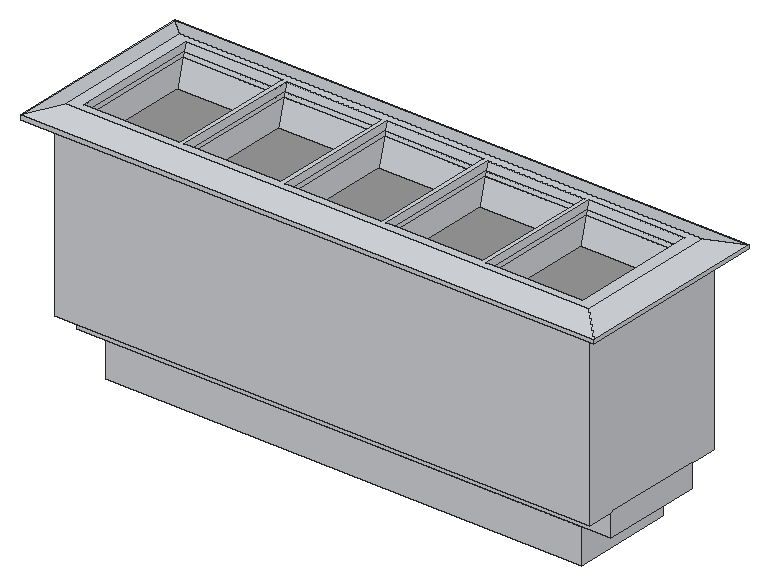
Revit family "2061399 Sylvania Lighting Fixture DOMINO 5xLED 930 BLACK NB TRIM BLACK DALI", category Lighting Fixtures, host Face, Revit 2018
Family settings
  Host = Face
  Round Connector Dimension = Use Diameter
  Part Type = Normal
  OmniClass Number = 23.80.70.00
  OmniClass Title = Lighting
  Cut with Voids When Loaded = No
  Light Source = Yes
  Shared = No
  Room Calculation Point = No
Parameters (values of type "2061399 DOMINO 5XLED 930 BLACK NB TR BLK DALI")
  top top width = 15.812 mm
  top top length = 123 mm
  Width = 50 mm
  Weight = "n/a"
  Wattage Comments = ""
  Wattage = 9.2903 W
  WarrantyStartDate [instance] = "n/a"
  WarrantyGuarantorParts = "n/a"
  WarrantyDurationUnit = "n/a"
  WarrantyDurationParts = ""
  WarrantyDescription = "http://www.sylvania-lighting.com"
  built-in parameter 1150110 = 1 (stored number, unit not read)
  Voltage = 0 V
  URL = "0.96"
  TypeName = "DOMINO 5xLED 930 BLACK NB TRIM BLACK DALI"
  Type Image = <None>
  Type Comments = "n/a"
  built-in parameter 1114217 = 1 (stored number, unit not read)
  Top Width = 26 mm
  Tilt Angle = 90.00°
  built-in parameter 1150109 = 1 (stored number, unit not read)
  built-in parameter 1150134 = 3
  built-in parameter 1150113 = 1 (stored number, unit not read)
  SerialNumber [instance] = "n/a"
  Recessed Width = 43 mm
  Recessed Length = 143 mm
  Photometric Web File = "2061399.ies"
  Material_3_FEILO = none
  PowerFactor = 0
  PowerConsumption = "Lighting"
  NominalLength = 50 mm
  NominalHeight = 0 mm
  NominalDepth = 0 mm
  Name = "DOMINO 5xLED 930 BLACK NB TRIM BLACK DALI"
  ModelReference = Name  # "DOMINO 5xLED 930 BLACK NB TRIM BLACK DALI"
  ModelNumber = "2061399"
  Model = Name  # "DOMINO 5xLED 930 BLACK NB TRIM BLACK DALI"
  Material = "Feilo Sylvania"
  ManufacturerName = "62 lm/W"
  Manufacturer = ""
  LuminousEfficacy = ""
  built-in parameter 1150105 = 109.82 (stored number, unit not read)
  Lumens = 1380 lm
  LuminaireType = "0"
  built-in parameter 1150115 = 1 (stored number, unit not read)
  LightOutputRatio = "LED"
  built-in parameter 1150137 = (empty or 0)
  built-in parameter 1150139 = (empty or 0)
  Lens inside recess = 25 mm
  Lens Width = 32 mm
  Lens Outside recess = 31.978 mm
  Lens = Glass, White, High Luminance
  Length = 148 mm
  LampsType = Lamp  # "n/a"
  LampNominalLuminous = "3000 K"
  LampMacAdamStep = "90"
  LampColourTemperature = "LED"
  LampColourRenderingIndex = "16500"
  built-in parameter 1150112 = 1 (stored number, unit not read)
  built-in parameter 1150114 = 1 (stored number, unit not read)
  Lamp = "n/a"
  Keynote = "n/a"
  InstallationDate [instance] = "n/a"
  InputVoltage = "0"
  InputNominalFrequency = "3000"
  built-in parameter 1150132 = (empty or 0)
  built-in parameter 1150102 = (empty or 0)
  built-in parameter 1150107 = 3200 (stored number, unit not read)
  built-in parameter 1150138 = (empty or 0)
  IngressProtection = "IfcLightFixtureType"
  ImpactProtectionIndex = "IfcLightFixtureType"
  built-in parameter 1150106 = 1.0982 (stored number, unit not read)
  IfcExportType = "IfcLightFixtureType"
  IfcExportAs = "Class II"
  Facia internal width = 37 mm
  Facia internal length = 135 mm
  Facia Height = 2 mm
  ExpectedLife = 50000
  Emit from Circle Diameter = 609.6 mm
  Emit Shape Visible in Rendering = no
  ElectricShockClassification = "62"
  built-in parameter 1150104 = 13.8 (stored number, unit not read)
  DurationUnit = "hours"
  DocumentationLiterature = "http://www.sylvania-lighting.com/product/en-int/products/2061399"
  DimmingControlOptions = "n/a"
  Material_2_FEILO = none
  Dimming Lamp Color Temperature Shift = <None>
  Description = "Modular LED recessed linear spotlight, ideal for retail and hospitality applications. Die-cast aluminium body, passive cooling. Two levels of reflector installation, low glaring UGR<16. 5x LED source, 15° beam angle , optics: PMMA lens and polycarbonate reflector combination, Black matt reflector finish. Light color temperature: 3000K warm white, total system power: 13W , total fixture lumen output: 800lm, efficacy: 62 lm/W, Ra90 typical, LED chromacity: 3 step MacAdam ellipse (SDCM3), lifespan: 96,000 hours at 90% of the original output (L90B10), IR/UV free light source without heat radiation, operating voltage: 220-240V / 50-60Hz, electronic driver, ultra low flicker, DALI , electrical protection: Class II. Degree of Protection: IP40/IP20, suitable for indoor environment only. Ceiling cut-out: 43x43mm, outer dimensions:  150x50mm trim frame RAL 9005 - Jet black color.5 years Warranty."
  Default Elevation = 1219.2 mm
  CreatedOn = "10/02/2021"
  CreatedBy = "@sylvania-lighting.com"
  Cost = 0
  Color Filter = 16777215
  built-in parameter 1114216 [instance] = (empty or 0)
  ClassificationValue = "EF_70_80"
  ClassificationName = "Uniclass2015"
  Material_1_FEILO = none
  Body Width = 40 mm
  Body Length = 138 mm
  BarCode [instance] = "n/a"
  built-in parameter 1114218 = 1 (stored number, unit not read)
  built-in parameter 1150133 = 10 (stored number, unit not read)
  AssetType = "Fixed"
  AssetIdentifier [instance] = "n/a"
  Assembly Code = "D5020200"
  Apparent Load = 13 VA
  Material_4_FEILO = none
Reference planes
  plane 1 "Center (Front/Back)": y = 0
  plane 2: z = 0
  plane 3 "Center (Left/Right)": x = 0
  plane 4: z = 0
  plane 5: z = -7
  plane 6: z = -45.895
  plane 7: z = -51.895
  plane 8: z = -60.895
  plane 9: x = -71.5
  plane 10: x = 71.5
  plane 11: y = 21.5
  plane 12: y = -21.5
  plane 13: x = -74
  plane 14: x = 74
  plane 15: y = 25
  plane 16: y = -25
  plane 17: x = 67.5
  plane 18: x = -67.5
  plane 19: y = 18.5
  plane 20: y = -18.5
  plane 21: z = 2
  plane 22: x = -69
  plane 23: x = 69
  plane 24: y = 20
  plane 25: y = -20
  plane 26: y = 13
  plane 27: y = -13
  plane 28: x = 61.5
  plane 29: x = -61.5
  plane 30: x = -65.5
  plane 31: y = 16.5
  plane 32: y = -16.472
  plane 33: x = -40.5
  plane 34: x = -41
  plane 35: x = -65
  plane 36: y = 13
  plane 37: y = -12.972
  plane 38: x = -39.5
  plane 39: x = -14.48
  plane 40: x = -13.48
  plane 41: x = 11.52
  plane 42: x = 12.52
  plane 43: x = 37.52
  plane 44: x = 38.52
  plane 45: x = 64.5
Forms (mm)
  Extrusion 1, solid, not visible, detail levels medium+fine
    sketch origin (4.2, 0, 0) x (1, 0, 0) y (0, 1, 0)
      loop
        line (-29.2, 34.5) -> (-29.2, -34.5) -> (20.8, -34.5) -> (20.8, 34.5) -> (-29.2, 34.5)
    from 0 to 1
  Extrusion 2, solid, not visible, detail levels medium+fine
    sketch origin (4.044, 0, 0) x (1, 0, 0) y (0, 1, 0)
      loop
        line (-29.2, 34.5) -> (-29.2, -34.5) -> (20.8, -34.5) -> (20.8, 34.5) -> (-29.2, 34.5)
    from 0 to 1
  Blend 3, solid, not visible, detail levels medium+fine
    base sketch origin (4.2, 0, 0) x (1, 0, 0) y (0, 1, 0)
      loop
        line (-29.2, 34.5) -> (-29.2, -34.5) -> (20.8, -34.5) -> (20.8, 34.5) -> (-29.2, 34.5)
    top sketch origin (4.2, 0, 0) x (1, 0, 0) y (0, 1, 0)
      loop
        line (-21.7, 28) -> (-21.7, -28) -> (13.3, -28) -> (13.3, 28) -> (-21.7, 28)
    from 1 to 3
  Extrusion 4, solid, not visible, detail levels medium+fine
    sketch origin (3.419, 0, 0) x (1, 0, 0) y (0, 1, 0)
      loop
        line (-29.2, 34.5) -> (-29.2, -34.5) -> (20.8, -34.5) -> (20.8, 34.5) -> (-29.2, 34.5)
    from 0 to 1
  Blend 5, solid, not visible, detail levels medium+fine
    base sketch origin (3.575, 0, 0) x (1, 0, 0) y (0, 1, 0)
      loop
        line (-29.2, 34.5) -> (-29.2, -34.5) -> (20.8, -34.5) -> (20.8, 34.5) -> (-29.2, 34.5)
    top sketch origin (3.575, 0, 0) x (1, 0, 0) y (0, 1, 0)
      loop
        line (-21.7, 28) -> (-21.7, -28) -> (13.3, -28) -> (13.3, 28) -> (-21.7, 28)
    from 1 to 3
  Extrusion 6, solid, not visible, detail levels medium+fine
    sketch origin (4.247, 0, 0) x (1, 0, 0) y (0, 1, 0)
      loop
        line (-29.2, 34.5) -> (-29.2, -34.5) -> (20.8, -34.5) -> (20.8, 34.5) -> (-29.2, 34.5)
    from 0 to 1
  Blend 7, solid, not visible, detail levels medium+fine
    base sketch origin (4.403, 0, 0) x (1, 0, 0) y (0, 1, 0)
      loop
        line (-29.2, 34.5) -> (-29.2, -34.5) -> (20.8, -34.5) -> (20.8, 34.5) -> (-29.2, 34.5)
    top sketch origin (4.403, 0, 0) x (1, 0, 0) y (0, 1, 0)
      loop
        line (-21.7, 28) -> (-21.7, -28) -> (13.3, -28) -> (13.3, 28) -> (-21.7, 28)
    from 1 to 3
  Extrusion 8, void, detail levels medium+fine
    sketch origin (4.2, 0, 0) x (0, 1, 0) y (1, 0, 0)
      loop
        line (21.5, -75.7) -> (21.5, 67.3) -> (-21.5, 67.3) -> (-21.5, -75.7) -> (21.5, -75.7)
    from -9.934 to 83.097
  Extrusion 9, solid, detail levels medium+fine
    sketch origin (4.2, 0, 0) x (1, 0, 0) y (0, 1, 0)
      loop
        line (-78.2, 25) -> (-78.2, -25) -> (69.8, -25) -> (69.8, 25) -> (-78.2, 25)
    from 0 to 1
  Extrusion 10, solid, detail levels medium+fine
    sketch origin (4.2, 0, 0) x (1, 0, 0) y (0, 1, 0)
      loop
        line (-73.2, 20) -> (-73.2, -20) -> (64.8, -20) -> (64.8, 20) -> (-73.2, 20)
    from 0 to -45.895
  Extrusion 11, solid, detail levels medium+fine
    sketch origin (4.2, 0, 0) x (1, 0, 0) y (0, 1, 0)
      loop
        line (-73.2, 13) -> (-73.2, -13) -> (64.8, -13) -> (64.8, 13) -> (-73.2, 13)
    from -51.895 to -45.895
  Extrusion 12, solid, material "Glass, White, High Luminance" <- "Lens", detail levels fine
    sketch origin (11.874, 1219.733, 36.156) x (1, 0, 0) y (0, 1, 0)
      loop
        line (-75.883, -1206.7) -> (-75.883, -1232.733) -> (-51.887, -1232.733) -> (-51.887, -1206.7) -> (-75.883, -1206.7)
    from -43.156 to -42.182
  Blend 13, solid, detail levels medium+fine
    base sketch origin (4.2, 0, 0) x (1, 0, 0) y (0, 1, 0)
      loop
        line (-78.2, 25) -> (-78.2, -25) -> (69.8, -25) -> (69.8, 25) -> (-78.2, 25)
    top sketch origin (4.2, 0, 0) x (1, 0, 0) y (0, 1, 0)
      loop
        line (-71.7, 18.5) -> (-71.7, -18.5) -> (63.3, -18.5) -> (63.3, 18.5) -> (-71.7, 18.5)
    from 1 to 3
  Extrusion 14, solid, detail levels fine
    sketch origin (0, 0, 0) x (1, 0, 0) y (0, 0, 1)
      loop
        line (-61.5, -51.895) -> (-61.5, -60.895) -> (61.5, -60.895) -> (61.5, -51.895) -> (-61.5, -51.895)
    from -13 to 13
  Blend 15, void
    base sketch origin (5.187, 0, 0) x (0, 1, 0) y (-1, 0, 0)
      loop
        line (16.5, 69.7) -> (-16.472, 69.7) -> (-16.472, 44.7) -> (16.5, 44.7) -> (16.5, 69.7)
    top sketch origin (5.187, 0, 0) x (0, 1, 0) y (-1, 0, 0)
      loop
        line (13, 69.2) -> (-12.972, 69.2) -> (-12.972, 45.2) -> (13, 45.2) -> (13, 69.2)
    from 3 to -7
  Blend 16, void
    base sketch origin (31.202, 0, 0) x (0, 1, 0) y (-1, 0, 0)
      loop
        line (16.5, 69.7) -> (-16.472, 69.7) -> (-16.472, 44.7) -> (16.5, 44.7) -> (16.5, 69.7)
    top sketch origin (31.202, 0, 0) x (0, 1, 0) y (-1, 0, 0)
      loop
        line (13, 69.2) -> (-12.972, 69.2) -> (-12.972, 45.2) -> (13, 45.2) -> (13, 69.2)
    from 3 to -7
  Blend 17, void
    base sketch origin (57.213, -0.017, 0) x (0, 1, 0) y (-1, 0, 0)
      loop
        line (16.5, 69.7) -> (-16.472, 69.7) -> (-16.472, 44.7) -> (16.5, 44.7) -> (16.5, 69.7)
    top sketch origin (57.213, -0.017, 0) x (0, 1, 0) y (-1, 0, 0)
      loop
        line (13, 69.2) -> (-12.972, 69.2) -> (-12.972, 45.2) -> (13, 45.2) -> (13, 69.2)
    from 3 to -7
  Blend 18, void
    base sketch origin (83.222, 0, 0) x (0, 1, 0) y (-1, 0, 0)
      loop
        line (16.5, 69.7) -> (-16.472, 69.7) -> (-16.472, 44.7) -> (16.5, 44.7) -> (16.5, 69.7)
    top sketch origin (83.222, 0, 0) x (0, 1, 0) y (-1, 0, 0)
      loop
        line (13, 69.2) -> (-12.972, 69.2) -> (-12.972, 45.2) -> (13, 45.2) -> (13, 69.2)
    from 3 to -7
  Blend 19, void
    base sketch origin (109.202, 0, 0) x (0, 1, 0) y (-1, 0, 0)
      loop
        line (16.5, 69.7) -> (-16.472, 69.7) -> (-16.472, 44.7) -> (16.5, 44.7) -> (16.5, 69.7)
    top sketch origin (109.202, 0, 0) x (0, 1, 0) y (-1, 0, 0)
      loop
        line (13, 69.2) -> (-12.972, 69.2) -> (-12.972, 45.2) -> (13, 45.2) -> (13, 69.2)
    from 3 to -7
  Extrusion 20, solid, material "Glass, White, High Luminance" <- "Lens", detail levels fine
    sketch origin (37.889, 1219.733, 36.156) x (1, 0, 0) y (0, 1, 0)
      loop
        line (-75.883, -1206.7) -> (-75.883, -1232.733) -> (-51.887, -1232.733) -> (-51.887, -1206.7) -> (-75.883, -1206.7)
    from -43.156 to -42.182
  Extrusion 21, solid, material "Glass, White, High Luminance" <- "Lens", detail levels fine
    sketch origin (63.896, 1219.733, 36.156) x (1, 0, 0) y (0, 1, 0)
      loop
        line (-75.883, -1206.7) -> (-75.883, -1232.733) -> (-51.887, -1232.733) -> (-51.887, -1206.7) -> (-75.883, -1206.7)
    from -43.156 to -42.182
  Extrusion 22, solid, material "Glass, White, High Luminance" <- "Lens", detail levels fine
    sketch origin (89.905, 1219.733, 36.156) x (1, 0, 0) y (0, 1, 0)
      loop
        line (-75.883, -1206.7) -> (-75.883, -1232.733) -> (-51.887, -1232.733) -> (-51.887, -1206.7) -> (-75.883, -1206.7)
    from -43.156 to -42.182
  Extrusion 23, solid, material "Glass, White, High Luminance" <- "Lens", detail levels fine
    sketch origin (115.886, 1219.733, 36.156) x (1, 0, 0) y (0, 1, 0)
      loop
        line (-75.883, -1206.7) -> (-75.883, -1232.733) -> (-51.887, -1232.733) -> (-51.887, -1206.7) -> (-75.883, -1206.7)
    from -43.156 to -42.182
  Extrusion 24, solid, detail levels coarse
    sketch origin (4.2, 0, 0) x (1, 0, 0) y (0, 1, 0)
      loop
        line (-78.2, 25) -> (-78.2, -25) -> (69.8, -25) -> (69.8, 25) -> (-78.2, 25)
    from 3 to -60.895
Cuts and joins
  Blend 15, Blend 16, Blend 17, Blend 18, Blend 19 cuts Extrusion 9
  Blend 15, Blend 16, Blend 17, Blend 18, Blend 19 cuts Extrusion 10
  Blend 15, Blend 16, Blend 17, Blend 18, Blend 19 cuts Blend 13
Dimensions and locks
  "Recessed Length": plane 9 to plane 10
  equal spacing: plane 9, plane 3 "Center (Left/Right)", plane 10
  "Length": plane 13 to plane 14
  equal spacing: plane 13, plane 3 "Center (Left/Right)", plane 14
  "Recessed Width": plane 11 to plane 12
  equal spacing: plane 11, plane 1 "Center (Front/Back)", plane 12
  "Width": plane 15 to plane 16
  equal spacing: plane 15, plane 1 "Center (Front/Back)", plane 16
  "Facia internal length": plane 18 to plane 17
  equal spacing: plane 18, plane 3 "Center (Left/Right)", plane 17
  "Facia internal width": plane 19 to plane 20
  equal spacing: plane 19, plane 1 "Center (Front/Back)", plane 20
  "Facia Height": plane 21 to host face
  "Body Length": plane 22 to plane 23
  equal spacing: plane 22, plane 3 "Center (Left/Right)", plane 23
  "Body Width": plane 24 to plane 25
  equal spacing: plane 24, plane 1 "Center (Front/Back)", plane 25
  "Top Width": plane 26 to plane 27
  equal spacing: plane 26, plane 1 "Center (Front/Back)", plane 27
  "top top length": plane 29 to plane 28
  equal spacing: plane 29, plane 3 "Center (Left/Right)", plane 28  (x2)
  plane 28 to plane 29 = 123 mm
  equal spacing: plane 28, plane 3 "Center (Left/Right)", plane 29
  aligned and locked: plane 2 to host face
  aligned and locked: level to host face
  aligned and locked: Extrusion 11 to plane 7
  aligned and locked: Extrusion 10 to plane 6
  aligned and locked: Extrusion 12 to plane 5
Automatic sketch dimensions
  Extrusion 1 sketch curve to Extrusion 1 sketch curve = 50 mm
  Extrusion 1 sketch curve to Extrusion 1 sketch curve = 69 mm
  Extrusion 2 sketch curve to Extrusion 2 sketch curve = 50 mm
  Extrusion 2 sketch curve to Extrusion 2 sketch curve = 69 mm
  Blend 3 sketch curve to Blend 3 sketch curve = 50 mm
  Blend 3 sketch curve to Blend 3 sketch curve = 69 mm
  Blend 3 sketch curve to Blend 3 sketch curve = 35 mm
  Blend 3 sketch curve to Blend 3 sketch curve = 56 mm
  Extrusion 4 sketch curve to Extrusion 4 sketch curve = 50 mm
  Extrusion 4 sketch curve to Extrusion 4 sketch curve = 69 mm
  Blend 5 sketch curve to Blend 5 sketch curve = 50 mm
  Blend 5 sketch curve to Blend 5 sketch curve = 69 mm
  Blend 5 sketch curve to Blend 5 sketch curve = 35 mm
  Blend 5 sketch curve to Blend 5 sketch curve = 56 mm
  Extrusion 6 sketch curve to Extrusion 6 sketch curve = 50 mm
  Extrusion 6 sketch curve to Extrusion 6 sketch curve = 69 mm
  Blend 7 sketch curve to Blend 7 sketch curve = 50 mm
  Blend 7 sketch curve to Blend 7 sketch curve = 69 mm
  Blend 7 sketch curve to Blend 7 sketch curve = 35 mm
  Blend 7 sketch curve to Blend 7 sketch curve = 56 mm
  host sketch curve to host sketch curve = 2438.4 mm  (x2)
  Extrusion 8 sketch curve to plane 9 = 0 mm
  Extrusion 8 sketch curve to plane 12 = 0 mm
  Extrusion 8 sketch curve to plane 11 = 0 mm
  Extrusion 8 sketch curve to plane 10 = 0 mm
  Extrusion 9 sketch curve to plane 13 = 0 mm
  Extrusion 9 sketch curve to plane 14 = 0 mm
  Extrusion 9 sketch curve to plane 16 = 0 mm
  Extrusion 9 sketch curve to plane 15 = 0 mm
  Extrusion 10 sketch curve to plane 22 = 0 mm
  Extrusion 10 sketch curve to plane 23 = 0 mm
  Extrusion 10 sketch curve to plane 25 = 0 mm
  Extrusion 10 sketch curve to plane 24 = 0 mm
  Extrusion 11 sketch curve to plane 22 = 0 mm
  Extrusion 11 sketch curve to plane 23 = 0 mm
  Extrusion 11 sketch curve to plane 27 = 0 mm
  Extrusion 11 sketch curve to plane 26 = 0 mm
  Extrusion 12 sketch curve to plane 27 = 0 mm
  plane 35 to Extrusion 12 sketch curve = 0.991 mm
  plane 26 to Extrusion 12 sketch curve = 0.033 mm
  plane 33 to Extrusion 12 sketch curve = 0.487 mm
  Blend 13 sketch curve to plane 13 = 0 mm
  Blend 13 sketch curve to plane 14 = 0 mm
  Blend 13 sketch curve to plane 16 = 0 mm
  Blend 13 sketch curve to plane 15 = 0 mm
  Blend 13 sketch curve to plane 18 = 0 mm
  Blend 13 sketch curve to plane 17 = 0 mm
  Blend 13 sketch curve to plane 20 = 0 mm
  Blend 13 sketch curve to plane 19 = 0 mm
  Extrusion 14 sketch curve to plane 8 = 0 mm
  Extrusion 14 sketch curve to plane 29 = 0 mm
  Extrusion 14 sketch curve to plane 28 = 0 mm
  Extrusion 14 sketch curve to plane 7 = 0 mm
  Blend 15 sketch curve to plane 32 = 0 mm
  Blend 15 sketch curve to plane 31 = 0 mm
  Blend 15 sketch curve to plane 38 = 0.013 mm
  plane 35 to Blend 15 sketch curve = 0.487 mm
  Blend 15 sketch curve to plane 37 = 0 mm
  Blend 15 sketch curve to plane 26 = 0 mm
  plane 33 to Blend 15 sketch curve = 0.487 mm
  plane 35 to Blend 15 sketch curve = 0.987 mm
  Blend 16 sketch curve to plane 32 = 0 mm
  Blend 16 sketch curve to plane 31 = 0 mm
  Blend 16 sketch curve to plane 40 = 0.018 mm
  plane 38 to Blend 16 sketch curve = 1.002 mm
  Blend 16 sketch curve to plane 37 = 0 mm
  Blend 16 sketch curve to plane 26 = 0 mm
  plane 39 to Blend 16 sketch curve = 0.482 mm
  plane 38 to Blend 16 sketch curve = 1.502 mm
  Blend 17 sketch curve to plane 32 = 0.017 mm
  Blend 17 sketch curve to plane 31 = 0.017 mm
  Blend 17 sketch curve to plane 42 = 0.007 mm
  plane 40 to Blend 17 sketch curve = 0.993 mm
  plane 27 to Blend 17 sketch curve = 0.011 mm
  Blend 17 sketch curve to plane 26 = 0.017 mm
  plane 41 to Blend 17 sketch curve = 0.493 mm
  plane 40 to Blend 17 sketch curve = 1.493 mm
  plane 32 to Blend 18 sketch curve = 0 mm
  plane 31 to Blend 18 sketch curve = 0 mm
  plane 44 to Blend 18 sketch curve = 0.002 mm
  plane 42 to Blend 18 sketch curve = 1.002 mm
  plane 37 to Blend 18 sketch curve = 0 mm
  plane 26 to Blend 18 sketch curve = 0 mm
  Blend 18 sketch curve to plane 44 = 0.498 mm
  plane 42 to Blend 18 sketch curve = 1.502 mm
  Blend 19 sketch curve to plane 32 = 0 mm
  Blend 19 sketch curve to plane 31 = 0 mm
  plane 45 to Blend 19 sketch curve = 0.002 mm
  plane 44 to Blend 19 sketch curve = 0.982 mm
  Blend 19 sketch curve to plane 37 = 0 mm
  Blend 19 sketch curve to plane 26 = 0 mm
  Blend 19 sketch curve to plane 45 = 0.498 mm
  plane 44 to Blend 19 sketch curve = 1.482 mm
  Extrusion 20 sketch curve to plane 27 = 0 mm
  plane 38 to Extrusion 20 sketch curve = 1.506 mm
  plane 26 to Extrusion 20 sketch curve = 0.033 mm
  plane 39 to Extrusion 20 sketch curve = 0.482 mm
  Extrusion 21 sketch curve to plane 27 = 0 mm
  plane 40 to Extrusion 21 sketch curve = 1.493 mm
  plane 26 to Extrusion 21 sketch curve = 0.033 mm
  plane 41 to Extrusion 21 sketch curve = 0.49 mm
  Extrusion 22 sketch curve to plane 27 = 0 mm
  plane 42 to Extrusion 22 sketch curve = 1.502 mm
  plane 26 to Extrusion 22 sketch curve = 0.033 mm
  plane 43 to Extrusion 22 sketch curve = 0.498 mm
  Extrusion 23 sketch curve to plane 27 = 0 mm
  plane 44 to Extrusion 23 sketch curve = 1.482 mm
  plane 26 to Extrusion 23 sketch curve = 0.033 mm
  Extrusion 23 sketch curve to plane 45 = 0.501 mm
  Extrusion 24 sketch curve to plane 13 = 0 mm
  Extrusion 24 sketch curve to plane 14 = 0 mm
  Extrusion 24 sketch curve to plane 16 = 0 mm
  Extrusion 24 sketch curve to plane 15 = 0 mm
Connectors
  electrical at (0, 0, -60.895)
    settings: on Extrusion 14, index 1, voltage 0 V, apparent load 0 VA, apparent load phase1 0 VA, apparent load phase2 0 VA, apparent load phase3 0 VA, power factor 1, load classification "Other", number of poles 1, system type 31, power factor state 1, is connector primary yes, connector utility no, sub classification motor no, connector description ""
